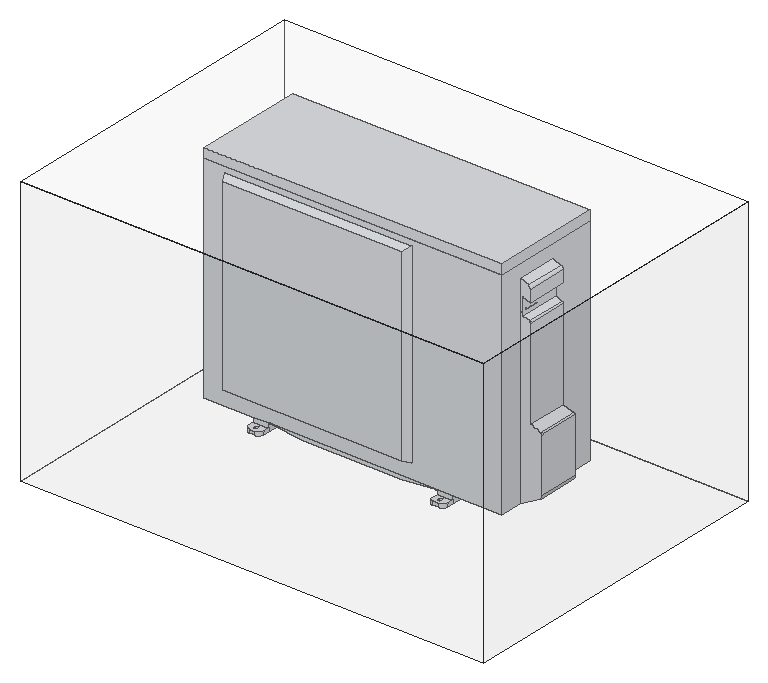
Revit family "puz-zrmp28_63ska13_60hz", category 機械設備, Revit 2019 (continued)
Definition of nested family "PUZ-ZRMP-1"
  Lines and regions (mm)
    model lines, visible <- "タイプ3", not visible
      curve 342: line (-404.5, -100, 907) -> (-404.5, -60, 907)
      curve 343: line (-404.5, -100, 1097) -> (-404.5, -100, 907)
      curve 344: line (-404.5, -60, 1097) -> (-404.5, -100, 1097)
      curve 345: line (-404.5, -60, 907) -> (-404.5, -60, 1097)
      curve 346: line (-404.5, 60, 907) -> (-404.5, 100, 907)
      curve 347: line (-404.5, 60, 1097) -> (-404.5, 60, 907)
      curve 348: line (-404.5, 100, 1097) -> (-404.5, 60, 1097)
      curve 349: line (-404.5, 100, 907) -> (-404.5, 100, 1097)
      curve 350: line (-404.5, -46.667, 907) -> (-404.5, -6.667, 907)
      curve 351: line (-404.5, -46.667, 1097) -> (-404.5, -46.667, 907)
      curve 352: line (-404.5, -6.667, 1097) -> (-404.5, -46.667, 1097)
      curve 353: line (-404.5, -6.667, 907) -> (-404.5, -6.667, 1097)
      curve 354: line (-404.5, 6.667, 907) -> (-404.5, 46.667, 907)
      curve 355: line (-404.5, 6.667, 1097) -> (-404.5, 6.667, 907)
      curve 356: line (-404.5, 46.667, 1097) -> (-404.5, 6.667, 1097)
      curve 357: line (-404.5, 46.667, 907) -> (-404.5, 46.667, 1097)
      curve 358: line (-404.5, -100, 1112) -> (-404.5, -60, 1112)
      curve 359: line (-404.5, -100, 1302) -> (-404.5, -100, 1112)
      curve 360: line (-404.5, -60, 1302) -> (-404.5, -100, 1302)
      curve 361: line (-404.5, -60, 1112) -> (-404.5, -60, 1302)
      curve 362: line (-404.5, 60, 1112) -> (-404.5, 100, 1112)
      curve 363: line (-404.5, 60, 1302) -> (-404.5, 60, 1112)
      curve 364: line (-404.5, 100, 1302) -> (-404.5, 60, 1302)
      curve 365: line (-404.5, 100, 1112) -> (-404.5, 100, 1302)
      curve 366: line (-404.5, -46.667, 1112) -> (-404.5, -6.667, 1112)
      curve 367: line (-404.5, -46.667, 1302) -> (-404.5, -46.667, 1112)
      curve 368: line (-404.5, -6.667, 1302) -> (-404.5, -46.667, 1302)
      curve 369: line (-404.5, -6.667, 1112) -> (-404.5, -6.667, 1302)
      curve 370: line (-404.5, 6.667, 1112) -> (-404.5, 46.667, 1112)
      curve 371: line (-404.5, 6.667, 1302) -> (-404.5, 6.667, 1112)
      curve 372: line (-404.5, 46.667, 1302) -> (-404.5, 6.667, 1302)
      curve 373: line (-404.5, 46.667, 1112) -> (-404.5, 46.667, 1302)
    model lines, visible <- "タイプ2", not visible
      curve 374: line (-600, -100, 33.5) -> (-600, -60, 33.5)
      curve 375: line (-600, -100, 73.5) -> (-600, -100, 33.5)
      curve 376: line (-600, -60, 73.5) -> (-600, -100, 73.5)
      curve 377: line (-600, -60, 33.5) -> (-600, -60, 73.5)
      curve 378: line (-600, 60, 33.5) -> (-600, 100, 33.5)
      curve 379: line (-600, 60, 73.5) -> (-600, 60, 33.5)
      curve 380: line (-600, 100, 73.5) -> (-600, 60, 73.5)
      curve 381: line (-600, 100, 33.5) -> (-600, 100, 73.5)
      curve 382: line (-509, -46.667, 33.5) -> (-509, -6.667, 33.5)
      curve 383: line (-509, -46.667, 73.5) -> (-509, -46.667, 33.5)
      curve 384: line (-509, -6.667, 73.5) -> (-509, -46.667, 73.5)
      curve 385: line (-509, -6.667, 33.5) -> (-509, -6.667, 73.5)
      curve 386: line (-509, 6.667, 33.5) -> (-509, 46.667, 33.5)
      curve 387: line (-509, 6.667, 73.5) -> (-509, 6.667, 33.5)
      curve 388: line (-509, 46.667, 73.5) -> (-509, 6.667, 73.5)
      curve 389: line (-509, 46.667, 33.5) -> (-509, 46.667, 73.5)
      curve 483: line (-404.5, -100, 33.5) -> (-404.5, -60, 33.5)
      curve 484: line (-404.5, -100, 73.5) -> (-404.5, -100, 33.5)
      curve 485: line (-404.5, -60, 73.5) -> (-404.5, -100, 73.5)
      curve 486: line (-404.5, -60, 33.5) -> (-404.5, -60, 73.5)
      curve 487: line (-404.5, 60, 33.5) -> (-404.5, 100, 33.5)
      curve 488: line (-404.5, 60, 73.5) -> (-404.5, 60, 33.5)
      curve 489: line (-404.5, 100, 73.5) -> (-404.5, 60, 73.5)
      curve 490: line (-404.5, 100, 33.5) -> (-404.5, 100, 73.5)
      curve 491: line (-404.5, -46.667, 33.5) -> (-404.5, -6.667, 33.5)
      curve 492: line (-404.5, -46.667, 73.5) -> (-404.5, -46.667, 33.5)
      curve 493: line (-404.5, -6.667, 73.5) -> (-404.5, -46.667, 73.5)
      curve 494: line (-404.5, -6.667, 33.5) -> (-404.5, -6.667, 73.5)
      curve 495: line (-404.5, 6.667, 33.5) -> (-404.5, 46.667, 33.5)
      curve 496: line (-404.5, 6.667, 73.5) -> (-404.5, 6.667, 33.5)
      curve 497: line (-404.5, 46.667, 73.5) -> (-404.5, 6.667, 73.5)
      curve 498: line (-404.5, 46.667, 33.5) -> (-404.5, 46.667, 73.5)
    model lines, not visible
      curve 390: line (-404.5, -100, 87) -> (-404.5, -60, 87)
      curve 391: line (-404.5, -100, 277) -> (-404.5, -100, 87)
      curve 392: line (-404.5, -60, 277) -> (-404.5, -100, 277)
      curve 393: line (-404.5, -60, 87) -> (-404.5, -60, 277)
      curve 394: line (-404.5, -100, 292) -> (-404.5, -60, 292)
      curve 395: line (-404.5, -100, 482) -> (-404.5, -100, 292)
      curve 396: line (-404.5, -60, 482) -> (-404.5, -100, 482)
      curve 397: line (-404.5, -60, 292) -> (-404.5, -60, 482)
      curve 398: line (-404.5, -100, 497) -> (-404.5, -60, 497)
      curve 399: line (-404.5, -100, 687) -> (-404.5, -100, 497)
      curve 400: line (-404.5, -60, 687) -> (-404.5, -100, 687)
      curve 401: line (-404.5, -60, 497) -> (-404.5, -60, 687)
      curve 402: line (-404.5, -100, 702) -> (-404.5, -60, 702)
      curve 403: line (-404.5, -100, 892) -> (-404.5, -100, 702)
      curve 404: line (-404.5, -60, 892) -> (-404.5, -100, 892)
      curve 405: line (-404.5, -60, 702) -> (-404.5, -60, 892)
      curve 406: line (-404.5, 60, 87) -> (-404.5, 100, 87)
      curve 407: line (-404.5, 60, 277) -> (-404.5, 60, 87)
      curve 408: line (-404.5, 100, 277) -> (-404.5, 60, 277)
      curve 409: line (-404.5, 100, 87) -> (-404.5, 100, 277)
      curve 410: line (-404.5, -46.667, 87) -> (-404.5, -6.667, 87)
      curve 411: line (-404.5, -46.667, 277) -> (-404.5, -46.667, 87)
      curve 412: line (-404.5, -6.667, 277) -> (-404.5, -46.667, 277)
      curve 413: line (-404.5, -6.667, 87) -> (-404.5, -6.667, 277)
      curve 414: line (-404.5, 6.667, 87) -> (-404.5, 46.667, 87)
      curve 415: line (-404.5, 6.667, 277) -> (-404.5, 6.667, 87)
      curve 416: line (-404.5, 46.667, 277) -> (-404.5, 6.667, 277)
      curve 417: line (-404.5, 46.667, 87) -> (-404.5, 46.667, 277)
      curve 418: line (-404.5, 60, 292) -> (-404.5, 100, 292)
      curve 419: line (-404.5, 60, 482) -> (-404.5, 60, 292)
      curve 420: line (-404.5, 100, 482) -> (-404.5, 60, 482)
      curve 421: line (-404.5, 100, 292) -> (-404.5, 100, 482)
      curve 422: line (-404.5, 60, 702) -> (-404.5, 100, 702)
      curve 423: line (-404.5, 60, 892) -> (-404.5, 60, 702)
      curve 424: line (-404.5, 100, 892) -> (-404.5, 60, 892)
      curve 425: line (-404.5, 100, 702) -> (-404.5, 100, 892)
      curve 426: line (-404.5, -46.667, 292) -> (-404.5, -6.667, 292)
      curve 427: line (-404.5, -46.667, 482) -> (-404.5, -46.667, 292)
      curve 428: line (-404.5, -6.667, 482) -> (-404.5, -46.667, 482)
      curve 429: line (-404.5, -6.667, 292) -> (-404.5, -6.667, 482)
      curve 430: line (-404.5, -46.667, 497) -> (-404.5, -6.667, 497)
      curve 431: line (-404.5, -46.667, 687) -> (-404.5, -46.667, 497)
      curve 432: line (-404.5, -6.667, 687) -> (-404.5, -46.667, 687)
      curve 433: line (-404.5, -6.667, 497) -> (-404.5, -6.667, 687)
      curve 434: line (-404.5, -46.667, 702) -> (-404.5, -6.667, 702)
      curve 435: line (-404.5, -46.667, 892) -> (-404.5, -46.667, 702)
      curve 436: line (-404.5, -6.667, 892) -> (-404.5, -46.667, 892)
      curve 437: line (-404.5, -6.667, 702) -> (-404.5, -6.667, 892)
      curve 438: line (-404.5, 6.667, 292) -> (-404.5, 46.667, 292)
      curve 439: line (-404.5, 6.667, 482) -> (-404.5, 6.667, 292)
      curve 440: line (-404.5, 46.667, 482) -> (-404.5, 6.667, 482)
      curve 441: line (-404.5, 46.667, 292) -> (-404.5, 46.667, 482)
      curve 442: line (-404.5, 6.667, 497) -> (-404.5, 46.667, 497)
      curve 443: line (-404.5, 6.667, 687) -> (-404.5, 6.667, 497)
      curve 444: line (-404.5, 46.667, 687) -> (-404.5, 6.667, 687)
      curve 445: line (-404.5, 46.667, 497) -> (-404.5, 46.667, 687)
      curve 446: line (-404.5, 6.667, 702) -> (-404.5, 46.667, 702)
      curve 447: line (-404.5, 6.667, 892) -> (-404.5, 6.667, 702)
      curve 448: line (-404.5, 46.667, 892) -> (-404.5, 6.667, 892)
      curve 449: line (-404.5, 46.667, 702) -> (-404.5, 46.667, 892)
      curve 450: line (-338.5, -173.2, 372.5) -> (149.5, -173.2, 372.5)
      curve 451: line (149.5, -173.2, 277.5) -> (-338.5, -173.2, 277.5)
      curve 452: line (-338.5, -173.2, 467.5) -> (149.5, -173.2, 467.5)
      curve 453: line (-338.5, -173.2, 562.5) -> (149.5, -173.2, 562.5)
      curve 454: line (149.5, -173.2, 182.5) -> (-338.5, -173.2, 182.5)
      curve 455: line (149.5, -173.2, 87.5) -> (-338.5, -173.2, 87.5)
      curve 456: line (-321.071, -173.2, 579) -> (-321.071, -173.2, 71)
      curve 457: line (132.071, -173.2, 71) -> (132.071, -173.2, 579)
      curve 458: line (-303.643, -173.2, 579) -> (-303.643, -173.2, 71)
      curve 459: line (-286.214, -173.2, 579) -> (-286.214, -173.2, 71)
      curve 460: line (-268.786, -173.2, 579) -> (-268.786, -173.2, 71)
      curve 461: line (-251.357, -173.2, 579) -> (-251.357, -173.2, 71)
      curve 462: line (-233.929, -173.2, 579) -> (-233.929, -173.2, 71)
      curve 463: line (-216.5, -173.2, 579) -> (-216.5, -173.2, 71)
      curve 464: line (-199.071, -173.2, 579) -> (-199.071, -173.2, 71)
      curve 465: line (-181.643, -173.2, 579) -> (-181.643, -173.2, 71)
      curve 466: line (-164.214, -173.2, 579) -> (-164.214, -173.2, 71)
      curve 467: line (-146.786, -173.2, 579) -> (-146.786, -173.2, 71)
      curve 468: line (-129.357, -173.2, 579) -> (-129.357, -173.2, 71)
      curve 469: line (-111.929, -173.2, 579) -> (-111.929, -173.2, 71)
      curve 470: line (-94.5, -173.2, 579) -> (-94.5, -173.2, 71)
      curve 471: line (-77.071, -173.2, 579) -> (-77.071, -173.2, 71)
      curve 472: line (-59.643, -173.2, 579) -> (-59.643, -173.2, 71)
      curve 473: line (-42.214, -173.2, 579) -> (-42.214, -173.2, 71)
      curve 474: line (-24.786, -173.2, 579) -> (-24.786, -173.2, 71)
      curve 475: line (-7.357, -173.2, 579) -> (-7.357, -173.2, 71)
      curve 476: line (10.071, -173.2, 579) -> (10.071, -173.2, 71)
      curve 477: line (27.5, -173.2, 579) -> (27.5, -173.2, 71)
      curve 478: line (44.929, -173.2, 579) -> (44.929, -173.2, 71)
      curve 479: line (62.357, -173.2, 579) -> (62.357, -173.2, 71)
      curve 480: line (79.786, -173.2, 579) -> (79.786, -173.2, 71)
      curve 481: line (97.214, -173.2, 579) -> (97.214, -173.2, 71)
      curve 482: line (114.643, -173.2, 579) -> (114.643, -173.2, 71)
    symbolic lines, visible <- "タイプ1"
      curve 499: line (-278.151, 150, 630) -> (-404.5, 150, 630)
      curve 500: line (-404.5, 150, 630) -> (-404.5, -5.599, 630)
      curve 501: line (-404.5, 40, 630) -> (-424.5, 30, 630)
      curve 502: line (-424.5, 30, 630) -> (-424.5, -30, 630)
      curve 503: line (-424.5, -30, 630) -> (-404.5, -40, 630)
      curve 504: line (-404.5, -5.599, 630) -> (-404.5, -150, 630)
      curve 505: line (-404.5, -150, 630) -> (-301.612, -150, 630)
      curve 506: arc (-272.806, -170, 630) -> (-268.124, -177.204, 630) -> (-260, -180, 630) r 13.2
      curve 507: line (-260, -180, 630) -> (-243.332, -180, 630)
      curve 508: arc (-243.332, -180, 630) -> (-235.208, -177.204, 630) -> (-230.526, -170, 630) r 13.2
      curve 509: line (-301.612, -150, 630) -> (280.999, -150, 630)
      curve 510: line (230, -150, 630) -> (230, -170, 630)
      curve 511: arc (230, -170, 630) -> (232.929, -177.071, 630) -> (240, -180, 630) r 10
      curve 512: line (240, -180, 630) -> (256.8, -180, 630)
      curve 513: arc (256.8, -180, 630) -> (266.134, -176.134, 630) -> (270, -166.8, 630) r 13.2
      curve 514: line (270, -166.8, 630) -> (270, -150, 630)
      curve 515: line (280.999, -150, 630) -> (404.5, -150, 630)
      curve 516: line (404.5, -150, 630) -> (404.5, -77.105, 630)
      curve 517: line (404.5, -90, 630) -> (466.5, -90, 630)
      curve 518: line (466.5, -90, 630) -> (466.5, 20, 630)
      curve 519: line (466.5, 20, 630) -> (404.5, 20, 630)
      curve 520: line (404.5, -77.105, 630) -> (404.5, 150, 630)
      curve 521: line (404.5, 150, 630) -> (308.975, 150, 630)
      curve 522: line (270, 150, 630) -> (270, 180, 630)
      curve 523: line (270, 180, 630) -> (230, 180, 630)
      curve 524: line (230, 180, 630) -> (230, 150, 630)
      curve 525: line (308.975, 150, 630) -> (-278.151, 150, 630)
      curve 526: line (-230, 150, 630) -> (-230, 180, 630)
      curve 527: line (-230, 180, 630) -> (-270, 180, 630)
      curve 528: line (-270, 180, 630) -> (-270, 150, 630)
      curve 529: line (-324.5, 100, 630) -> (324.5, 100, 630)
      curve 530: line (-324.5, 40, 630) -> (-324.5, 100, 630)
      curve 531: line (324.5, 40, 630) -> (-324.5, 40, 630)
      curve 532: line (324.5, 100, 630) -> (324.5, 40, 630)
      curve 533: line (324.5, 30, 630) -> (-324.5, 30, 630)
      curve 534: line (324.5, -30, 630) -> (324.5, 30, 630)
      curve 535: line (-324.5, -30, 630) -> (324.5, -30, 630)
      curve 536: line (-324.5, 30, 630) -> (-324.5, -30, 630)
      curve 537: line (-324.5, -40, 630) -> (324.5, -40, 630)
      curve 538: line (-324.5, -100, 630) -> (-324.5, -40, 630)
      curve 539: line (324.5, -100, 630) -> (-324.5, -100, 630)
      curve 540: line (324.5, -40, 630) -> (324.5, -100, 630)
      curve 541: line (339.5, 100, 630) -> (354.5, 100, 630)
      curve 542: line (339.5, -100, 630) -> (339.5, 100, 630)
      curve 543: line (354.5, -100, 630) -> (339.5, -100, 630)
      curve 544: line (354.5, 100, 630) -> (354.5, -100, 630)
      curve 545: line (-354.5, 100, 630) -> (-339.5, 100, 630)
      curve 546: line (-354.5, -100, 630) -> (-354.5, 100, 630)
      curve 547: line (-339.5, -100, 630) -> (-354.5, -100, 630)
      curve 548: line (-339.5, 100, 630) -> (-339.5, -100, 630)
      curve 549: line (-338.5, -170, 630) -> (149.5, -170, 630)
      curve 550: line (149.5, -170, 630) -> (159.5, -150, 630)
      curve 551: line (-348.5, -150, 630) -> (-338.5, -170, 630)
  Dimensions and locks
    equal spacing: plane 8, plane 1 "中心(正面/背面)", plane 7
    "奥行き": plane 8 to plane 7
    equal spacing: plane 5, plane 3 "中心(左/右)", plane 6
    "幅さ": plane 5 to plane 6
    "高さ": plane 4 to level
    locked: plane 6 to plane 9 at 62
    locked: plane 8 to plane 10 at 60
    locked: plane 8 to plane 11 at 170
    locked: plane 4 to plane 12 at 25
    locked: plane 13 to plane 5 at 20
    "吊りボルト-D": plane 17 to plane 16
    equal spacing: plane 17, plane 1 "中心(正面/背面)", plane 16
    equal spacing: plane 14, plane 3 "中心(左/右)", plane 15
    "吊りボルト-W": plane 14 to plane 15
    plane 21 to plane 14 to plane 20 = 20 mm locked, 20 mm locked
    plane 19 to plane 15 to plane 18 = 20 mm locked, 20 mm locked
    locked: plane 16 to plane 22 at 15
    locked: plane 23 to plane 17 at 15
    locked: plane 24 to level at 8.5
    locked: plane 25 to level at 20
    locked: plane 26 to plane 24 at 3
    locked: plane 4 to plane 29 at 5
    plane 7 to plane 1 "中心(正面/背面)" to plane 8 = 150 mm, 150 mm
    plane 31 to plane 1 "中心(正面/背面)" to plane 30 = 40 mm locked, 40 mm locked
    plane 33 to plane 1 "中心(正面/背面)" to plane 32 = 30 mm locked, 30 mm locked
    locked: plane 34 to plane 12 at 5
    locked: plane 35 to level at 55
    locked: plane 36 to level at 225
    equal spacing: plane 6, plane 39, plane 9
    locked: plane 6 to plane 38 at 10
    locked: plane 20 to plane 27 at 95
    locked: plane 28 to plane 19 at 95
    "換気-D": plane 40 to plane 8
    "換気-W": plane 41 to plane 5
    "換気-H1": plane 42 to level
    plane 43 to plane 41 to plane 44 = 254 mm locked, 254 mm locked
    plane 45 to plane 42 to plane 46 = 264 mm locked, 264 mm locked
    locked: plane 43 to plane 48 at 10
    locked: plane 47 to plane 44 at 10
    locked: plane 45 to plane 49 at 10
    locked: plane 50 to plane 46 at 10
    locked: curve 26 to plane 50 at 16.5
    locked: plane 49 to curve 24 at 16.5
    equal spacing: curve 24, curve 23, curve 21, curve 22, curve 25, curve 26
    equal spacing: plane 48, curve 28, curve 53, curve 52, curve 51, curve 50, curve 49, curve 48, curve 47, curve 46, curve 45, curve 44, curve 43, curve 42, curve 41, curve 40, curve 39, curve 38, curve 37, curve 36, curve 35, curve 34, curve 33, curve 32, curve 31, curve 30, curve 29, curve 27, plane 47
    locked: curve 4 to curve 6 at 10
    locked: curve 3 to curve 5 at 10
    locked: plane 51 to plane 7 at 50
    locked: plane 8 to plane 52 at 50
    equal spacing: group 1, group 2, group 3, group 4, group 5, group 6, group 7, group 8, group 9, group 10, group 11, group 12, group 13, group 14, group 15, group 16, group 17, group 18  (x2)
    equal spacing: group 18, group 17, group 16, group 15, group 14, group 13, group 12, group 11, group 10, group 9, group 8, group 7, group 6, group 5, group 4, group 3, group 2, group 1
    "ドレン管径-X": plane 5 to plane 53
    "ドレン管径-Y": plane 8 to plane 54
    "配線取出口-Y": plane 57 to plane 7
    "冷媒液管径-Y": plane 58 to plane 7
    "冷媒ガス管径-Y": plane 59 to plane 7
    "配線取出口-X": plane 3 "中心(左/右)" to plane 56
    "冷媒ガス管径-X": plane 3 "中心(左/右)" to plane 55
    "冷媒液管径-X": plane 3 "中心(左/右)" to plane 60
    "冷媒液管径-Z": plane 62 to level
    "冷媒ガス管径-Z": plane 61 to level
    "配線取出口-Z": plane 63 to level
    locked: plane 57 to plane 64 at 50
    locked: plane 65 to plane 61 at 37.8
    locked: plane 66 to plane 62 at 16.1
    equal spacing: plane 55, plane 67, plane 60
    equal spacing: plane 58, plane 68, plane 59
    "a": plane 69 "グループ" to plane 3 "中心(左/右)"
    plane 71 to level = 943 mm
    plane 70 to level = 1338 mm
    locked: plane 37 to level at 570
    curve 21 to plane 42 to curve 22 = 47.5 mm locked, 47.5 mm locked
    "換気-H2": plane 72 to plane 42
    plane 73 to plane 72 to plane 74 = 264 mm locked, 264 mm locked
    locked: plane 76 to plane 74 at 10
    locked: plane 73 to plane 75 at 10
    plane 48 to plane 47 = 488 mm
    plane 68 to plane 7 = 185.5 mm
    plane 61 to level = 99.5 mm
    plane 65 to plane 61 = 37.8 mm
    plane 62 to level = 164.5 mm
    plane 66 to plane 62 = 16.1 mm
    plane 68 to plane 77 to plane 78 = 23 mm locked, 17.5 mm locked
    plane 68 to plane 77 = 23 mm
    plane 77 to plane 78 = 17.5 mm
    equal spacing: plane 77, plane 79, plane 78
    "ドレン配管サイズ": diameter of Extrusion 3 sketch curve
    "配線取出口サイズ": diameter of Extrusion 9 sketch curve
    "吊りボルト-φ": diameter of Extrusion 10 sketch curve  (x4)
    "冷媒配管サイズ": diameter of Sweep 11 sketch curve
    "ガス配管サイズ": diameter of Sweep 12 sketch curve
    aligned and locked: level to plane 2
    aligned and locked: Extrusion 1 to level
    aligned and locked: plane 25 to Extrusion 1
    aligned and locked: Extrusion 2 sketch curve to plane 25
    aligned and locked: Extrusion 2 sketch curve to plane 26
    aligned and locked: Extrusion 2 to plane 7
    aligned and locked: plane 8 to Extrusion 2
    aligned and locked: Extrusion 3 to plane 26
    aligned and locked: Extrusion 3 to plane 24
    aligned and locked: Extrusion 4 sketch curve to plane 7
    aligned and locked: Extrusion 4 sketch curve to plane 8
    aligned and locked: Extrusion 4 sketch curve to plane 5
    aligned and locked: Extrusion 4 sketch curve to plane 6
    aligned and locked: Extrusion 4 to plane 25
    aligned and locked: plane 12 to Extrusion 4
    aligned and locked: Extrusion 5 sketch curve to Extrusion 4  (x4)
    aligned and locked: Extrusion 5 to plane 12
    aligned and locked: plane 4 to Extrusion 5
    aligned and locked: plane 29 to Blend 6 sketch curve
    aligned and locked: Blend 6 sketch curve to plane 31
    aligned and locked: Blend 6 sketch curve to plane 12  (x2)
    aligned and locked: plane 30 to Blend 6 sketch curve
    aligned and locked: plane 34 to Blend 6 sketch curve
    aligned and locked: Blend 6 sketch curve to plane 33
    aligned and locked: plane 32 to Blend 6 sketch curve
    aligned and locked: Blend 6 to plane 13
    aligned and locked: plane 5 to Blend 6
    aligned and locked: Extrusion 7 sketch curve to plane 6
    aligned and locked: Extrusion 7 sketch curve to plane 9
    aligned and locked: Extrusion 7 sketch curve to plane 39
    aligned and locked: Extrusion 7 sketch curve to Extrusion 7 sketch curve
    aligned and locked: Extrusion 7 sketch curve to plane 38
    aligned and locked: Extrusion 7 to plane 11
    aligned and locked: plane 10 to Extrusion 7
    aligned and locked: Blend 8 sketch curve to plane 45
    aligned and locked: Blend 8 sketch curve to plane 46
    aligned and locked: Blend 8 sketch curve to plane 44
    aligned and locked: Blend 8 sketch curve to plane 43
    aligned and locked: Blend 8 sketch curve to plane 49
    aligned and locked: Blend 8 sketch curve to plane 47
    aligned and locked: Blend 8 sketch curve to plane 48
    aligned and locked: Blend 8 sketch curve to plane 50
    aligned and locked: Blend 8 to plane 8
    aligned and locked: plane 40 to Blend 8
    aligned and locked: curve 17 to plane 51
    aligned and locked: curve 1 to plane 51
    aligned and locked: plane 51 to curve 19
    aligned and locked: curve 18 to plane 52
    aligned and locked: plane 52 to curve 2
    aligned and locked: plane 52 to curve 20
    aligned and locked: plane 53 to Extrusion 3 sketch curve
    aligned and locked: plane 54 to Extrusion 3 sketch curve
    aligned and locked: plane 63 to Extrusion 9 sketch curve
    aligned and locked: plane 56 to Extrusion 9 sketch curve
    aligned and locked: plane 57 to Extrusion 9
    aligned and locked: Extrusion 9 to plane 64
    aligned and locked: plane 22 to Extrusion 10 sketch curve  (x4)
    aligned and locked: plane 21 to Extrusion 10 sketch curve
    aligned and locked: Extrusion 2 to Extrusion 10 sketch curve  (x2)
    aligned and locked: Extrusion 10 sketch curve to Extrusion 1  (x6)
    aligned and locked: plane 19 to Extrusion 10 sketch curve
    aligned and locked: Extrusion 10 sketch curve to plane 23  (x2)
    aligned and locked: Extrusion 10 sketch curve to plane 18
    aligned and locked: Extrusion 10 sketch curve to plane 20
    aligned and locked: plane 16 to Extrusion 10 sketch curve  (x2)
    aligned and locked: plane 14 to Extrusion 10 sketch curve  (x2)
    aligned and locked: plane 17 to Extrusion 10 sketch curve  (x2)
    aligned and locked: plane 15 to Extrusion 10 sketch curve  (x2)
    aligned and locked: level to Extrusion 10
    aligned and locked: plane 24 to Extrusion 10
    aligned and locked: Masking region 1 sketch curve to Extrusion 5  (x4)
    aligned and locked: Masking region 1 sketch curve to Blend 6  (x3)
    aligned and locked: Masking region 1 sketch curve to Extrusion 7  (x2)
    aligned and locked: Masking region 1 sketch curve to plane 9
    aligned and locked: Masking region 1 sketch curve to Extrusion 10  (x8)
    aligned and locked: Masking region 1 to curve 499
    aligned and locked: curve 500 to Masking region 1
    aligned and locked: curve 501 to Masking region 1
    aligned and locked: curve 502 to Masking region 1
    aligned and locked: curve 503 to Masking region 1
    aligned and locked: curve 504 to Masking region 1
    aligned and locked: curve 505 to Masking region 1
    aligned and locked: curve 506 to Masking region 1
    aligned and locked: curve 508 to Masking region 1
    aligned and locked: curve 510 to Masking region 1
    aligned and locked: curve 511 to Masking region 1
    aligned and locked: curve 513 to Masking region 1
    aligned and locked: Masking region 1 to curve 515
    aligned and locked: curve 516 to Masking region 1
    aligned and locked: curve 517 to Masking region 1
    aligned and locked: curve 518 to Masking region 1
    aligned and locked: curve 519 to Masking region 1
    aligned and locked: curve 520 to Masking region 1
    aligned and locked: curve 521 to Masking region 1
    aligned and locked: curve 522 to Masking region 1
    aligned and locked: curve 523 to Masking region 1
    aligned and locked: curve 524 to Masking region 1
    aligned and locked: curve 525 to Masking region 1
    aligned and locked: curve 526 to Masking region 1
    aligned and locked: curve 527 to Masking region 1
    aligned and locked: curve 528 to Masking region 1
    aligned and locked: curve 532 to curve 12
    aligned and locked: Masking region 1 sketch curve to curve 21
    aligned and locked: Masking region 1 sketch curve to Blend 8  (x2)
    aligned and locked: curve 549 to Blend 8
    aligned and locked: curve 550 to Blend 8
    aligned and locked: curve 551 to Blend 8
    aligned and locked: plane 78 to Sweep 12 sketch curve
    aligned and locked: plane 58 to Sweep 12 sketch curve
    aligned and locked: plane 77 to Sweep 11 sketch curve
    aligned and locked: plane 58 to Sweep 11 sketch curve
    aligned and locked: plane 61 to Sweep 12 sketch curve
  Automatic sketch dimensions
    Extrusion 2 sketch curve to plane 20 = 0 mm
    Extrusion 2 sketch curve to plane 27 = 0 mm
    Extrusion 2 sketch curve to plane 28 = 0 mm
    Extrusion 2 sketch curve to plane 19 = 0 mm
    Extrusion 7 sketch curve to plane 39 = 0 mm
    Extrusion 7 sketch curve to plane 25 = 0 mm
    Extrusion 7 sketch curve to plane 36 = 0 mm
    Extrusion 7 sketch curve to plane 37 = 0 mm
    Extrusion 7 sketch curve to Extrusion 7 sketch curve = 10 mm
    Extrusion 7 sketch curve to plane 39 = 6.58 mm
    Extrusion 7 sketch curve to Extrusion 7 sketch curve = 5 mm  (x2)
    plane 39 to Extrusion 7 sketch curve = 21 mm
    Extrusion 7 sketch curve to plane 39 = 3.29 mm
    Extrusion 7 sketch curve to plane 9 = 3.29 mm
    Extrusion 7 sketch curve to plane 35 = 2.87 mm
    Extrusion 7 sketch curve to Extrusion 7 sketch curve = 81.633 mm
    Extrusion 7 sketch curve to Extrusion 7 sketch curve = 30.244 mm
    Extrusion 7 sketch curve to Extrusion 7 sketch curve = 7.643 mm
    plane 7 to Extrusion 1 sketch curve = 0 mm  (x2)
    Extrusion 1 sketch curve to plane 18 = 0 mm
    plane 8 to Extrusion 1 sketch curve = 0 mm  (x2)
    Extrusion 1 sketch curve to plane 19 = 0 mm
    Extrusion 1 sketch curve to plane 20 = 0 mm
    Extrusion 1 sketch curve to plane 21 = 0 mm
    curve 383 to curve 384 = 40 mm
    curve 382 to curve 386 = 13.333 mm
    curve 386 to curve 386 = 40 mm
    curve 382 to curve 389 = 0 mm
    curve 382 to curve 384 = 40 mm
    curve 384 to curve 387 = 0 mm
    curve 375 to curve 376 = 40 mm
    curve 374 to curve 378 = 120 mm
    curve 378 to curve 378 = 40 mm
    curve 374 to curve 381 = 0 mm
    curve 374 to curve 376 = 40 mm
    curve 378 to curve 379 = 40 mm
    curve 25 to plane 47 = 0 mm
    curve 24 to plane 47 = 0 mm
    curve 22 to plane 47 = 0 mm
    curve 23 to plane 47 = 0 mm
    curve 26 to plane 47 = 0 mm
    curve 21 to plane 47 = 0 mm
    curve 24 to plane 48 = 0 mm
    curve 25 to plane 48 = 0 mm
    curve 26 to plane 48 = 0 mm
    curve 23 to plane 48 = 0 mm
    curve 22 to plane 48 = 0 mm
    curve 21 to plane 48 = 0 mm
    curve 37 to plane 50 = 0 mm
    curve 52 to plane 50 = 0 mm
    curve 51 to plane 50 = 0 mm
    curve 50 to plane 50 = 0 mm
    curve 49 to plane 50 = 0 mm
    curve 48 to plane 50 = 0 mm
    curve 47 to plane 50 = 0 mm
    curve 46 to plane 50 = 0 mm
    curve 45 to plane 50 = 0 mm
    curve 44 to plane 50 = 0 mm
    curve 43 to plane 50 = 0 mm
    curve 42 to plane 50 = 0 mm
    curve 41 to plane 50 = 0 mm
    curve 27 to plane 50 = 0 mm
    curve 28 to plane 50 = 0 mm
    curve 40 to plane 50 = 0 mm
    curve 39 to plane 50 = 0 mm
    curve 29 to plane 50 = 0 mm
    curve 38 to plane 50 = 0 mm
    curve 30 to plane 50 = 0 mm
    curve 53 to plane 50 = 0 mm
    curve 31 to plane 50 = 0 mm
    curve 36 to plane 50 = 0 mm
    curve 32 to plane 50 = 0 mm
    curve 35 to plane 50 = 0 mm
    curve 33 to plane 50 = 0 mm
    curve 34 to plane 50 = 0 mm
    curve 28 to plane 49 = 0 mm
    curve 41 to plane 49 = 0 mm
    curve 27 to plane 49 = 0 mm
    curve 42 to plane 49 = 0 mm
    curve 31 to plane 49 = 0 mm
    curve 40 to plane 49 = 0 mm
    curve 37 to plane 49 = 0 mm
    curve 39 to plane 49 = 0 mm
    curve 32 to plane 49 = 0 mm
    curve 45 to plane 49 = 0 mm
    curve 36 to plane 49 = 0 mm
    curve 46 to plane 49 = 0 mm
    curve 43 to plane 49 = 0 mm
    curve 47 to plane 49 = 0 mm
    curve 29 to plane 49 = 0 mm
    curve 48 to plane 49 = 0 mm
    curve 30 to plane 49 = 0 mm
    curve 49 to plane 49 = 0 mm
    curve 44 to plane 49 = 0 mm
    curve 50 to plane 49 = 0 mm
    curve 33 to plane 49 = 0 mm
    curve 51 to plane 49 = 0 mm
    curve 35 to plane 49 = 0 mm
    curve 52 to plane 49 = 0 mm
    curve 38 to plane 49 = 0 mm
    curve 53 to plane 49 = 0 mm
    curve 34 to plane 49 = 0 mm
    Masking region 1 sketch curve to plane 5 = 0 mm
    Masking region 1 sketch curve to plane 6 = 0 mm
    plane 7 to Masking region 1 sketch curve = 0 mm  (x2)
    Masking region 1 sketch curve to plane 15 = 10 mm
    Masking region 1 sketch curve to plane 19 = 0 mm
    plane 8 to Masking region 1 sketch curve = 0 mm  (x2)
    plane 32 to curve 535 = 0 mm
    plane 33 to curve 534 = 0 mm
    curve 541 to plane 56 = 45.5 mm
    curve 13 to curve 20 = 15 mm
    plane 18 to curve 535 = 54.5 mm
    curve 532 to curve 6 = 0 mm
    curve 537 to curve 5 = 0 mm
    plane 47 to curve 536 = 14 mm
    plane 47 to curve 538 = 14 mm
    plane 47 to curve 1 = 14 mm
    curve 16 to plane 47 = 1 mm
    curve 15 to plane 44 = 6 mm
    plane 1 "中心(正面/背面)" to curve 504 = 5.599 mm
    curve 528 to curve 499 = 8.151 mm
    curve 521 to curve 522 = 38.975 mm
    curve 516 to plane 10 = 12.895 mm
    curve 515 to curve 514 = 10.999 mm
    plane 40 to Masking region 1 sketch curve = 0 mm
    Masking region 1 sketch curve to plane 40 = 3.2 mm  (x2)
    Masking region 1 sketch curve to plane 14 = 10 mm
    Masking region 1 sketch curve to plane 20 = 0.526 mm
    curve 509 to plane 21 = 31.612 mm
    Sweep 12 sketch curve to plane 65 = 0 mm
    Sweep 11 sketch curve to plane 62 = 0 mm
    Sweep 11 sketch curve to plane 66 = 0 mm
    plane 40 to Extrusion 10 sketch curve = 0 mm
    plane 17 to Extrusion 10 sketch curve = 0 mm  (x2)
    Extrusion 10 sketch curve to Extrusion 10 sketch curve = 1.8 mm  (x3)
    plane 17 to Extrusion 10 sketch curve = 1.8 mm  (x2)
    Extrusion 10 sketch curve to Extrusion 10 sketch curve = 0 mm
    Sweep 11 sketch curve to plane 67 = 0 mm
    Sweep 11 sketch curve to profile plane = 0 mm
    Sweep 12 sketch curve to plane 67 = 0 mm
    Sweep 12 sketch curve to profile plane = 0 mm
Definition of nested family "固定点"
  Parameters (values of type "固定点")
    中心円 = if(W > 599 mm, 12 mm, 10 mm)  # 12 mm
    W = 1000 mm
    D = 1000 mm
  Reference planes
    plane 1 "中心(正面/背面)": y = 0
    plane 2: z = 0
    plane 3 "中心(左/右)": x = 0
    plane 4: x = 1000
    plane 5: y = 1000
  Lines and regions (mm)
    symbolic lines, detail levels fine
      curve 1: circle (0, 1000, 0) r 6 normal (0, 0, 1)
      curve 2: circle (0, 0, 0) r 6 normal (0, 0, 1)
      curve 3: circle (1000, 1000, 0) r 6 normal (0, 0, 1)
      curve 4: circle (1000, 0, 0) r 6 normal (0, 0, 1)
      curve 5: line (-200, 1000, 0) -> (1200, 1000, 0)
      curve 6: line (-200, 0, 0) -> (1200, 0, 0)
      curve 7: line (0, 1200, 0) -> (0, -200, 0)
      curve 8: line (1000, 1200, 0) -> (1000, -200, 0)
  Dimensions and locks
    "W": plane 3 "中心(左/右)" to plane 4
    "D": plane 1 "中心(正面/背面)" to plane 5
    "中心円": diameter of curve 1
    "中心円": diameter of curve 2
    "中心円": diameter of curve 3
    "中心円": diameter of curve 4
    aligned and locked: level to plane 2
    aligned and locked: plane 5 to curve 1
    aligned and locked: plane 3 "中心(左/右)" to curve 1
    aligned and locked: plane 3 "中心(左/右)" to curve 2
    aligned and locked: plane 1 "中心(正面/背面)" to curve 2
    aligned and locked: plane 4 to curve 3
    aligned and locked: plane 5 to curve 3
    aligned and locked: plane 1 "中心(正面/背面)" to curve 4
    aligned and locked: plane 4 to curve 4
    aligned and locked: plane 1 "中心(正面/背面)" to curve 6
    aligned and locked: curve 7 to plane 3 "中心(左/右)"
    aligned and locked: curve 8 to plane 4
  Automatic sketch dimensions
    curve 5 to plane 5 = 0 mm
    curve 6 to plane 3 "中心(左/右)" = 200 mm
    curve 5 to plane 3 "中心(左/右)" = 200 mm
    curve 4 to curve 6 = 200 mm
    curve 3 to curve 5 = 200 mm
    plane 1 "中心(正面/背面)" to curve 8 = 200 mm
    plane 1 "中心(正面/背面)" to curve 7 = 200 mm
    curve 3 to curve 8 = 200 mm
    curve 1 to curve 7 = 200 mm
Types (12, lengths in mm): name | 音響パワーレベル（冷）(dB) | 音響パワーレベル(dB) | 電動機出力_圧縮機 | 質量 | 製品質量 | 相 | 構成品番 | 極数 | 暖房能力 | 推奨ブレーカー容量 | 冷房能力
  室外機_PUZ-ZRMP28SKA13 (-BS,BSG) | 64 | 66 | 0.5 kW | 44.40 kg | 37.00 kg | 1 | "PUZ-ZRMP28SKA13 (-BS,-BSG)" | 1 | 2.8 kW | 20 A | 2.5 kW
  室外機_PUZ-ZRMP28KA13 (-BS,BSG) | 64 | 66 | 0.5 kW | 43.20 kg | 36.00 kg | 3 | "PUZ-ZRMP28KA13 (-BS,-BSG)" | 3 | 2.8 kW | 15 A | 2.5 kW
  室外機_PUZ-ZRMP40SKA13 (-BS,BSG) | 64 | 66 | 0.6 kW | 51.60 kg | 43.00 kg | 1 | "PUZ-ZRMP40SKA13 (-BS,-BSG)" | 1 | 4 kW | 20 A | 3.6 kW
  室外機_PUZ-ZRMP40KA13 (-BS,BSG) | 64 | 66 | 0.6 kW | 49.20 kg | 41.00 kg | 3 | "PUZ-ZRMP40KA13 (-BS,-BSG)" | 3 | 4 kW | 15 A | 3.6 kW
  室外機_PUZ-ZRMP45SKA13 (-BS,BSG) | 64 | 66 | 0.7 kW | 51.60 kg | 43.00 kg | 1 | "PUZ-ZRMP45SKA13 (-BS,-BSG)" | 1 | 4.5 kW | 20 A | 4 kW
  室外機_PUZ-ZRMP45KA13 (-BS,BSG) | 64 | 66 | 0.7 kW | 49.20 kg | 41.00 kg | 3 | "PUZ-ZRMP45KA13 (-BS,-BSG)" | 3 | 4.5 kW | 15 A | 4 kW
  室外機_PUZ-ZRMP50SKA13 (-BS,BSG) | 65 | 67 | 0.8 kW | 51.60 kg | 43.00 kg | 1 | "PUZ-ZRMP50SKA13 (-BS,-BSG)" | 1 | 5 kW | 20 A | 4.5 kW
  室外機_PUZ-ZRMP50KA13 (-BS,BSG) | 65 | 67 | 0.8 kW | 49.20 kg | 41.00 kg | 3 | "PUZ-ZRMP50KA13 (-BS,-BSG)" | 3 | 5 kW | 15 A | 4.5 kW
  室外機_PUZ-ZRMP56SKA13 (-BS,BSG) | 65 | 67 | 0.9 kW | 51.60 kg | 43.00 kg | 1 | "PUZ-ZRMP56SKA13 (-BS,-BSG)" | 1 | 5.6 kW | 20 A | 5 kW
  室外機_PUZ-ZRMP56KA13 (-BS,BSG) | 65 | 67 | 0.9 kW | 49.20 kg | 41.00 kg | 3 | "PUZ-ZRMP56KA13 (-BS,-BSG)" | 3 | 5.6 kW | 15 A | 5 kW
  室外機_PUZ-ZRMP63SKA13 (-BS,BSG) | 65 | 67 | 1.2 kW | 51.60 kg | 43.00 kg | 1 | "PUZ-ZRMP63SKA13 (-BS,-BSG)" | 1 | 6.3 kW | 30 A | 5.6 kW
  室外機_PUZ-ZRMP63KA13 (-BS,BSG) | 65 | 67 | 1.2 kW | 50.40 kg | 42.00 kg | 3 | "PUZ-ZRMP63KA13 (-BS,-BSG)" | 3 | 6.3 kW | 15 A | 5.6 kW
